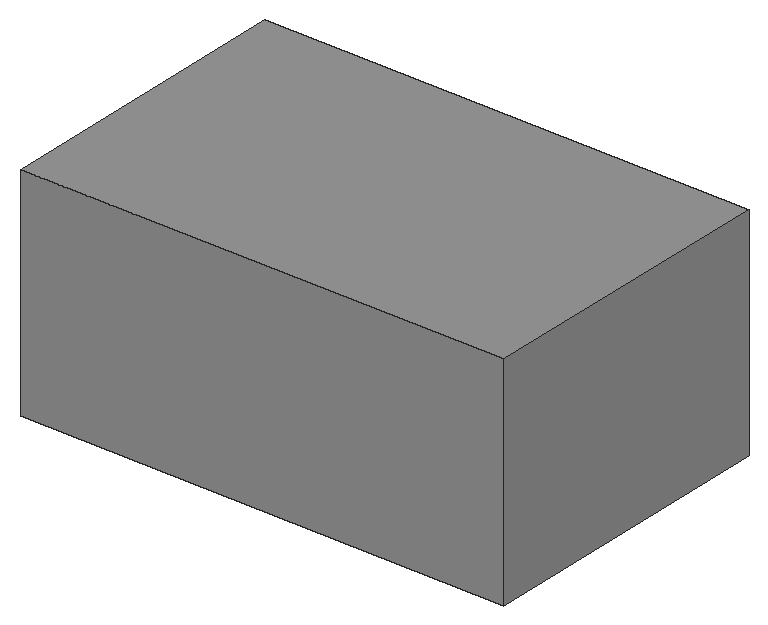
Revit family "POL4_63_UN_Wall-fixture_ETK", category Lighting Fixtures, Revit 2017
Family settings
  Round Connector Dimension = Use Diameter
  Part Type = Normal
  OmniClass Number = 23.80.70.11.14
  OmniClass Title = General Luminaries, Directional
  Work Plane-Based = No
  Always vertical = Yes
  Cut with Voids When Loaded = No
  Light Source = No
  Shared = No
  Room Calculation Point = Yes
Parameters (values of type "POL.4100.xx - 12.5W / 1400lm / 3000K")
  Wattage Comments = "12.5W"
  Voltage = 230 V
  URL = "https://www.etk.nl/media/wysiwyg/files/POL.4.pdf"
  Symbol_Waterproof [instance] = no
  Symbol_Emergency Lighting [instance] = no
  Switch Code [instance] = ""
  Model = "POL4"
  Manufacturer = "ETK licht B.V."
  Luminaire_Body_Material = 10 White
  Luminaire Code [instance] = ""
  Light Source = POL.4 - Lightsource : POL.4100.xx - 12.5W / 1400lm / 3000K
  Lamp = "LED"
  IfcExportType = "USERDEFINED"
  IfcExportAs = "IfcLightFixtureType"
  Description = "Wall-fixture"
  Copyright © IVLighting = "www.ivlighting.nl"
  Assembly Code = "63.0"
  Apparent Load = 12.5 VA
Types (4, lengths in mm): name | Light Source
  POL.4100.xx - 12.5W / 1400lm / 3000K | POL.4 - Lightsource : POL.4100.xx - 12.5W / 1400lm / 3000K
  POL.4200.xx - 12.5W / 1470lm / 4000K | POL.4 - Lightsource : POL.4200.xx - 12.5W / 1470lm / 4000K
  POL.4300.xx - 17W / 2100lm / 3000K | POL.4 - Lightsource : POL.4300.xx - 17W / 2100lm / 3000K
  POL.4400.xx - 17W / 2240lm / 4000K | POL.4 - Lightsource : POL.4400.xx - 17W / 2240lm / 4000K
Reference planes
  plane 1 "Center (Front/Back)": y = 0
  plane 2: z = 0
  plane 3 "Center (Left/Right)": x = 0
Forms (mm)
  Revolve 1, solid, not visible
    sketch origin (0, 0, 0) x (1, 0, 0) y (0, 0, 1)
      loop
        line (-108.916, 0) -> (-108.916, -4.099)
        arc (-108.916, -4.099) -> (-108.406, -4.931) -> (-107.486, -5.258) r 1.461
        line (-107.486, -5.258) -> (-97.804, -5.258) -> (-97.804, 0) -> (-108.916, 0)
      axis (0, 0) -> (0, -5.258)
    angle from 0 to 360
  Revolve 2, solid, material "10 White" <- "Luminaire_Body_Material", not visible
    sketch origin (0, 0, 0) x (1, 0, 0) y (0, 0, 1)
      loop
        line (-98.741, 0) -> (-97.8, 0) -> (-97.8, 10.593) -> (-90.959, 10.593) -> (-90.959, 14.711) -> (-83.412, 14.711) -> (-83.412, 30.415)
        arc (-83.412, 30.415) -> (-77.825, 42.741) -> (-69.855, 53.677) r 66.418
        line (-69.855, 53.677) -> (-69.855, 60.129) -> (-63.553, 60.129) -> (0, 60.129) -> (0, 61.129) -> (-63.553, 61.129) -> (-69.836, 61.129)
        arc (-69.836, 61.129) -> (-70.557, 60.83) -> (-70.855, 60.109) r 1.02
        line (-70.855, 60.109) -> (-70.855, 54.484)
        arc (-70.855, 54.484) -> (-70.927, 54.088) -> (-71.134, 53.743) r 1.124
        arc (-71.134, 53.743) -> (-77.774, 44.767) -> (-82.842, 34.818) r 67.418
        arc (-82.842, 34.818) -> (-84.016, 30.901) -> (-84.412, 26.83) r 21.103
        line (-84.412, 26.83) -> (-84.412, 16.663)
        arc (-84.412, 16.663) -> (-84.691, 15.989) -> (-85.364, 15.711) r 0.952
        line (-85.364, 15.711) -> (-91.959, 15.711) -> (-91.959, 12.616)
        arc (-91.959, 12.616) -> (-92.258, 11.893) -> (-92.981, 11.593) r 1.022
        line (-92.981, 11.593) -> (-97.697, 11.593)
        arc (-97.697, 11.593) -> (-98.435, 11.287) -> (-98.741, 10.549) r 1.045
        line (-98.741, 10.549) -> (-98.741, 0)
      axis (0, 61.129) -> (0, 0)
    angle from 0 to 360
  Revolve 3, solid, material "10 White" <- "Luminaire_Body_Material", not visible
    sketch origin (0, 0, 0) x (1, 0, 0) y (0, 0, 1)
      loop
        arc (-36.339, 86.471) -> (-49.965, 76.024) -> (-61.793, 63.579) r 109.701
        arc (-61.793, 63.579) -> (-62.487, 62.326) -> (-62.707, 60.91) r 4.094
        line (-62.707, 60.91) -> (0, 60.91) -> (0, 86.471) -> (-36.339, 86.471)
      axis (0, 86.471) -> (0, 60.91)
    angle from 0 to 360
  Extrusion 4, solid, material "10 White" <- "Luminaire_Body_Material", not visible
    sketch origin (0, 0, 0) x (1, 0, 0) y (0, 1, 0)
      loop
        circle (0, 0) r 45
    from 86.471 to 87.3
  Extrusion 5, solid, material "30 Black", not visible
    sketch origin (0, 0, 195.137) x (-1, 0, 0) y (0, -1, 0)
      loop
        line (-0.938, -10.632) -> (-0.938, -44.99)
        arc (-0.938, -44.99) -> (0, -45) -> (0.938, -44.99) r 45
        line (0.938, -44.99) -> (0.938, -10.681)
        arc (0.938, -10.681) -> (0, -10.671) -> (-0.938, -10.632) r 29.304
    from -107.837 to -82.548
  Extrusion 6, solid, material "30 Black", not visible
    sketch origin (0, 0, 195.137) x (-0.978148, -0.207912, 0) y (0.207912, -0.978148, 0)
      loop
        line (-0.938, -10.632) -> (-0.938, -44.99)
        arc (-0.938, -44.99) -> (0, -45) -> (0.938, -44.99) r 45
        line (0.938, -44.99) -> (0.938, -10.681)
        arc (0.938, -10.681) -> (0, -10.671) -> (-0.938, -10.632) r 29.304
    from -107.837 to -82.548
  Extrusion 7, solid, material "30 Black", not visible
    sketch origin (0, 0, 195.137) x (-0.978148, 0.207912, 0) y (-0.207912, -0.978148, 0)
      loop
        line (-0.938, -10.632) -> (-0.938, -44.99)
        arc (-0.938, -44.99) -> (0, -45) -> (0.938, -44.99) r 45
        line (0.938, -44.99) -> (0.938, -10.681)
        arc (0.938, -10.681) -> (0, -10.671) -> (-0.938, -10.632) r 29.304
    from -107.837 to -82.548
  Extrusion 8, solid, material "30 Black", not visible
    sketch origin (0, 0, 195.137) x (-0.913545, 0.406737, 0) y (-0.406737, -0.913545, 0)
      loop
        line (-0.938, -10.632) -> (-0.938, -44.99)
        arc (-0.938, -44.99) -> (0, -45) -> (0.938, -44.99) r 45
        line (0.938, -44.99) -> (0.938, -10.681)
        arc (0.938, -10.681) -> (0, -10.671) -> (-0.938, -10.632) r 29.304
    from -107.837 to -82.548
  Extrusion 9, solid, material "30 Black", not visible
    sketch origin (0, 0, 195.137) x (-0.809017, 0.587785, 0) y (-0.587785, -0.809017, 0)
      loop
        line (-0.938, -10.632) -> (-0.938, -44.99)
        arc (-0.938, -44.99) -> (0, -45) -> (0.938, -44.99) r 45
        line (0.938, -44.99) -> (0.938, -10.681)
        arc (0.938, -10.681) -> (0, -10.671) -> (-0.938, -10.632) r 29.304
    from -107.837 to -82.548
  Extrusion 10, solid, material "30 Black", not visible
    sketch origin (0, 0, 195.137) x (-0.669131, 0.743145, 0) y (-0.743145, -0.669131, 0)
      loop
        line (-0.938, -10.632) -> (-0.938, -44.99)
        arc (-0.938, -44.99) -> (0, -45) -> (0.938, -44.99) r 45
        line (0.938, -44.99) -> (0.938, -10.681)
        arc (0.938, -10.681) -> (0, -10.671) -> (-0.938, -10.632) r 29.304
    from -107.837 to -82.548
  Extrusion 11, solid, material "30 Black", not visible
    sketch origin (0, 0, 195.137) x (-0.5, 0.866025, 0) y (-0.866025, -0.5, 0)
      loop
        line (-0.938, -10.632) -> (-0.938, -44.99)
        arc (-0.938, -44.99) -> (0, -45) -> (0.938, -44.99) r 45
        line (0.938, -44.99) -> (0.938, -10.681)
        arc (0.938, -10.681) -> (0, -10.671) -> (-0.938, -10.632) r 29.304
    from -107.837 to -82.548
  Extrusion 12, solid, material "30 Black", not visible
    sketch origin (0, 0, 195.137) x (-0.309017, 0.951057, 0) y (-0.951057, -0.309017, 0)
      loop
        line (-0.938, -10.632) -> (-0.938, -44.99)
        arc (-0.938, -44.99) -> (0, -45) -> (0.938, -44.99) r 45
        line (0.938, -44.99) -> (0.938, -10.681)
        arc (0.938, -10.681) -> (0, -10.671) -> (-0.938, -10.632) r 29.304
    from -107.837 to -82.548
  Extrusion 13, solid, material "30 Black", not visible
    sketch origin (0, 0, 195.137) x (-0.104528, 0.994522, 0) y (-0.994522, -0.104528, 0)
      loop
        line (-0.938, -10.632) -> (-0.938, -44.99)
        arc (-0.938, -44.99) -> (0, -45) -> (0.938, -44.99) r 45
        line (0.938, -44.99) -> (0.938, -10.681)
        arc (0.938, -10.681) -> (0, -10.671) -> (-0.938, -10.632) r 29.304
    from -107.837 to -82.548
  Extrusion 14, solid, material "30 Black", not visible
    sketch origin (0, 0, 195.137) x (0.104528, 0.994522, 0) y (-0.994522, 0.104528, 0)
      loop
        line (-0.938, -10.632) -> (-0.938, -44.99)
        arc (-0.938, -44.99) -> (0, -45) -> (0.938, -44.99) r 45
        line (0.938, -44.99) -> (0.938, -10.681)
        arc (0.938, -10.681) -> (0, -10.671) -> (-0.938, -10.632) r 29.304
    from -107.837 to -82.548
  Extrusion 15, solid, material "30 Black", not visible
    sketch origin (0, 0, 195.137) x (0.309017, 0.951057, 0) y (-0.951057, 0.309017, 0)
      loop
        line (-0.938, -10.632) -> (-0.938, -44.99)
        arc (-0.938, -44.99) -> (0, -45) -> (0.938, -44.99) r 45
        line (0.938, -44.99) -> (0.938, -10.681)
        arc (0.938, -10.681) -> (0, -10.671) -> (-0.938, -10.632) r 29.304
    from -107.837 to -82.548
  Extrusion 16, solid, material "30 Black", not visible
    sketch origin (0, 0, 195.137) x (0.5, 0.866025, 0) y (-0.866025, 0.5, 0)
      loop
        line (-0.938, -10.632) -> (-0.938, -44.99)
        arc (-0.938, -44.99) -> (0, -45) -> (0.938, -44.99) r 45
        line (0.938, -44.99) -> (0.938, -10.681)
        arc (0.938, -10.681) -> (0, -10.671) -> (-0.938, -10.632) r 29.304
    from -107.837 to -82.548
  Extrusion 17, solid, material "30 Black", not visible
    sketch origin (0, 0, 195.137) x (0.669131, 0.743145, 0) y (-0.743145, 0.669131, 0)
      loop
        line (-0.938, -10.632) -> (-0.938, -44.99)
        arc (-0.938, -44.99) -> (0, -45) -> (0.938, -44.99) r 45
        line (0.938, -44.99) -> (0.938, -10.681)
        arc (0.938, -10.681) -> (0, -10.671) -> (-0.938, -10.632) r 29.304
    from -107.837 to -82.548
  Extrusion 18, solid, material "30 Black", not visible
    sketch origin (0, 0, 195.137) x (0.809017, 0.587785, 0) y (-0.587785, 0.809017, 0)
      loop
        line (-0.938, -10.632) -> (-0.938, -44.99)
        arc (-0.938, -44.99) -> (0, -45) -> (0.938, -44.99) r 45
        line (0.938, -44.99) -> (0.938, -10.681)
        arc (0.938, -10.681) -> (0, -10.671) -> (-0.938, -10.632) r 29.304
    from -107.837 to -82.548
  Extrusion 19, solid, material "30 Black", not visible
    sketch origin (0, 0, 195.137) x (0.913545, 0.406737, 0) y (-0.406737, 0.913545, 0)
      loop
        line (-0.938, -10.632) -> (-0.938, -44.99)
        arc (-0.938, -44.99) -> (0, -45) -> (0.938, -44.99) r 45
        line (0.938, -44.99) -> (0.938, -10.681)
        arc (0.938, -10.681) -> (0, -10.671) -> (-0.938, -10.632) r 29.304
    from -107.837 to -82.548
  Extrusion 20, solid, material "30 Black", not visible
    sketch origin (0, 0, 195.137) x (0.978148, 0.207912, 0) y (-0.207912, 0.978148, 0)
      loop
        line (-0.938, -10.632) -> (-0.938, -44.99)
        arc (-0.938, -44.99) -> (0, -45) -> (0.938, -44.99) r 45
        line (0.938, -44.99) -> (0.938, -10.681)
        arc (0.938, -10.681) -> (0, -10.671) -> (-0.938, -10.632) r 29.304
    from -107.837 to -82.548
  Extrusion 21, solid, material "30 Black", not visible
    sketch origin (0, 0, 195.137) x (1, 0, 0) y (0, 1, 0)
      loop
        line (-0.938, -10.632) -> (-0.938, -44.99)
        arc (-0.938, -44.99) -> (0, -45) -> (0.938, -44.99) r 45
        line (0.938, -44.99) -> (0.938, -10.681)
        arc (0.938, -10.681) -> (0, -10.671) -> (-0.938, -10.632) r 29.304
    from -107.837 to -82.548
  Extrusion 22, solid, material "30 Black", not visible
    sketch origin (0, 0, 195.137) x (0.978148, -0.207912, 0) y (0.207912, 0.978148, 0)
      loop
        line (-0.938, -10.632) -> (-0.938, -44.99)
        arc (-0.938, -44.99) -> (0, -45) -> (0.938, -44.99) r 45
        line (0.938, -44.99) -> (0.938, -10.681)
        arc (0.938, -10.681) -> (0, -10.671) -> (-0.938, -10.632) r 29.304
    from -107.837 to -82.548
  Extrusion 23, solid, material "30 Black", not visible
    sketch origin (0, 0, 195.137) x (0.913545, -0.406737, 0) y (0.406737, 0.913545, 0)
      loop
        line (-0.938, -10.632) -> (-0.938, -44.99)
        arc (-0.938, -44.99) -> (0, -45) -> (0.938, -44.99) r 45
        line (0.938, -44.99) -> (0.938, -10.681)
        arc (0.938, -10.681) -> (0, -10.671) -> (-0.938, -10.632) r 29.304
    from -107.837 to -82.548
  Extrusion 24, solid, material "30 Black", not visible
    sketch origin (0, 0, 195.137) x (0.809017, -0.587785, 0) y (0.587785, 0.809017, 0)
      loop
        line (-0.938, -10.632) -> (-0.938, -44.99)
        arc (-0.938, -44.99) -> (0, -45) -> (0.938, -44.99) r 45
        line (0.938, -44.99) -> (0.938, -10.681)
        arc (0.938, -10.681) -> (0, -10.671) -> (-0.938, -10.632) r 29.304
    from -107.837 to -82.548
  Extrusion 25, solid, material "30 Black", not visible
    sketch origin (0, 0, 195.137) x (0.669131, -0.743145, 0) y (0.743145, 0.669131, 0)
      loop
        line (-0.938, -10.632) -> (-0.938, -44.99)
        arc (-0.938, -44.99) -> (0, -45) -> (0.938, -44.99) r 45
        line (0.938, -44.99) -> (0.938, -10.681)
        arc (0.938, -10.681) -> (0, -10.671) -> (-0.938, -10.632) r 29.304
    from -107.837 to -82.548
  Extrusion 26, solid, material "30 Black", not visible
    sketch origin (0, 0, 195.137) x (0.5, -0.866025, 0) y (0.866025, 0.5, 0)
      loop
        line (-0.938, -10.632) -> (-0.938, -44.99)
        arc (-0.938, -44.99) -> (0, -45) -> (0.938, -44.99) r 45
        line (0.938, -44.99) -> (0.938, -10.681)
        arc (0.938, -10.681) -> (0, -10.671) -> (-0.938, -10.632) r 29.304
    from -107.837 to -82.548
  Extrusion 27, solid, material "30 Black", not visible
    sketch origin (0, 0, 195.137) x (0.309017, -0.951057, 0) y (0.951057, 0.309017, 0)
      loop
        line (-0.938, -10.632) -> (-0.938, -44.99)
        arc (-0.938, -44.99) -> (0, -45) -> (0.938, -44.99) r 45
        line (0.938, -44.99) -> (0.938, -10.681)
        arc (0.938, -10.681) -> (0, -10.671) -> (-0.938, -10.632) r 29.304
    from -107.837 to -82.548
  Extrusion 28, solid, material "30 Black", not visible
    sketch origin (0, 0, 195.137) x (0.104528, -0.994522, 0) y (0.994522, 0.104528, 0)
      loop
        line (-0.938, -10.632) -> (-0.938, -44.99)
        arc (-0.938, -44.99) -> (0, -45) -> (0.938, -44.99) r 45
        line (0.938, -44.99) -> (0.938, -10.681)
        arc (0.938, -10.681) -> (0, -10.671) -> (-0.938, -10.632) r 29.304
    from -107.837 to -82.548
  Extrusion 29, solid, material "30 Black", not visible
    sketch origin (0, 0, 195.137) x (-0.104528, -0.994522, 0) y (0.994522, -0.104528, 0)
      loop
        line (-0.938, -10.632) -> (-0.938, -44.99)
        arc (-0.938, -44.99) -> (0, -45) -> (0.938, -44.99) r 45
        line (0.938, -44.99) -> (0.938, -10.681)
        arc (0.938, -10.681) -> (0, -10.671) -> (-0.938, -10.632) r 29.304
    from -107.837 to -82.548
  Extrusion 30, solid, material "30 Black", not visible
    sketch origin (0, 0, 195.137) x (-0.309017, -0.951057, 0) y (0.951057, -0.309017, 0)
      loop
        line (-0.938, -10.632) -> (-0.938, -44.99)
        arc (-0.938, -44.99) -> (0, -45) -> (0.938, -44.99) r 45
        line (0.938, -44.99) -> (0.938, -10.681)
        arc (0.938, -10.681) -> (0, -10.671) -> (-0.938, -10.632) r 29.304
    from -107.837 to -82.548
  Extrusion 31, solid, material "30 Black", not visible
    sketch origin (0, 0, 195.137) x (-0.5, -0.866025, 0) y (0.866025, -0.5, 0)
      loop
        line (-0.938, -10.632) -> (-0.938, -44.99)
        arc (-0.938, -44.99) -> (0, -45) -> (0.938, -44.99) r 45
        line (0.938, -44.99) -> (0.938, -10.681)
        arc (0.938, -10.681) -> (0, -10.671) -> (-0.938, -10.632) r 29.304
    from -107.837 to -82.548
  Extrusion 32, solid, material "30 Black", not visible
    sketch origin (0, 0, 195.137) x (-0.669131, -0.743145, 0) y (0.743145, -0.669131, 0)
      loop
        line (-0.938, -10.632) -> (-0.938, -44.99)
        arc (-0.938, -44.99) -> (0, -45) -> (0.938, -44.99) r 45
        line (0.938, -44.99) -> (0.938, -10.681)
        arc (0.938, -10.681) -> (0, -10.671) -> (-0.938, -10.632) r 29.304
    from -107.837 to -82.548
  Extrusion 33, solid, material "30 Black", not visible
    sketch origin (0, 0, 195.137) x (-0.809017, -0.587785, 0) y (0.587785, -0.809017, 0)
      loop
        line (-0.938, -10.632) -> (-0.938, -44.99)
        arc (-0.938, -44.99) -> (0, -45) -> (0.938, -44.99) r 45
        line (0.938, -44.99) -> (0.938, -10.681)
        arc (0.938, -10.681) -> (0, -10.671) -> (-0.938, -10.632) r 29.304
    from -107.837 to -82.548
  Extrusion 34, solid, material "30 Black", not visible
    sketch origin (0, 0, 195.137) x (-0.913545, -0.406737, 0) y (0.406737, -0.913545, 0)
      loop
        line (-0.938, -10.632) -> (-0.938, -44.99)
        arc (-0.938, -44.99) -> (0, -45) -> (0.938, -44.99) r 45
        line (0.938, -44.99) -> (0.938, -10.681)
        arc (0.938, -10.681) -> (0, -10.671) -> (-0.938, -10.632) r 29.304
    from -107.837 to -82.548
  Extrusion 35, solid, material "10 White" <- "Luminaire_Body_Material", not visible
    sketch origin (0.938, 0, 0) x (1, 0, 0) y (0, 0, 1)
      loop
        line (-90.709, 14.711) -> (-89.709, 14.711) -> (-89.709, 47.263)
        arc (-89.709, 47.263) -> (-89.547, 48.318) -> (-89.074, 49.276) r 3.51
        line (-89.074, 49.276) -> (-63.792, 85.382)
        arc (-63.792, 85.382) -> (-62.879, 86.183) -> (-61.7, 86.471) r 2.554
        line (-61.7, 86.471) -> (-36.836, 86.471) -> (-36.836, 87.3) -> (-62.068, 87.3)
        arc (-62.068, 87.3) -> (-63.489, 86.952) -> (-64.589, 85.988) r 3.078
        line (-64.589, 85.988) -> (-90.082, 49.58)
        arc (-90.082, 49.58) -> (-90.549, 48.634) -> (-90.709, 47.591) r 3.468
        line (-90.709, 47.591) -> (-90.709, 14.711)
    from -18.722 to 17.678
  Extrusion 36, solid, material "10 White" <- "Luminaire_Body_Material", not visible
    sketch origin (-0.938, 0, 0) x (-1, 0, 0) y (0, 0, -1)
      loop
        line (-90.709, -14.711) -> (-90.709, -47.591)
        arc (-90.709, -47.591) -> (-90.549, -48.634) -> (-90.082, -49.58) r 3.468
        line (-90.082, -49.58) -> (-64.589, -85.988)
        arc (-64.589, -85.988) -> (-63.489, -86.952) -> (-62.068, -87.3) r 3.078
        line (-62.068, -87.3) -> (-36.836, -87.3) -> (-36.836, -86.471) -> (-61.7, -86.471)
        arc (-61.7, -86.471) -> (-62.879, -86.183) -> (-63.792, -85.382) r 2.554
        line (-63.792, -85.382) -> (-89.074, -49.276)
        arc (-89.074, -49.276) -> (-89.547, -48.318) -> (-89.709, -47.263) r 3.51
        line (-89.709, -47.263) -> (-89.709, -14.711) -> (-90.709, -14.711)
    from -18.722 to 17.678
  Revolve 37, solid, not visible
    sketch origin (0, 0, 0) x (1, 0, 0) y (0, 0, 1)
      loop
        arc (-61.908, 31.25) -> (-81.159, 16.629) -> (-98.212, -0.504) r 175.119
        line (-98.212, -0.504) -> (-98.212, -1.729)
        arc (-98.212, -1.729) -> (-81.093, 15.622) -> (-61.721, 30.415) r 174.319
        line (-61.721, 30.415) -> (0, 30.415) -> (0, 31.25) -> (-61.908, 31.25)
      axis (0, 31.25) -> (0, -1.729)
    angle from 0 to 360
  Revolve 38, solid, not visible
    sketch origin (0, 0, 0) x (1, 0, 0) y (0, 0, 1)
      loop
        line (-63.082, 29.507) -> (0, 29.507) -> (0, 30.415) -> (-61.721, 30.415)
        arc (-61.721, 30.415) -> (-62.416, 29.983) -> (-63.082, 29.507) r 12.642
      axis (0, 30.415) -> (0, 29.415)
    angle from 0 to 360
  Extrusion 39, solid, material "10 White" <- "Luminaire_Body_Material"
    sketch origin (0, -72.5, 0) x (-1, 0, 0) y (0, -1, 0)
      loop
        line (-115, -72.5) -> (115, -72.5) -> (115, 72.5) -> (-115, 72.5) -> (-115, -72.5)
    from 0 to 105
  Extrusion 40, void
    sketch origin (0, -72.5, 0) x (-1, 0, 0) y (0, -1, 0)
      loop
        line (-112, -57.5) -> (112, -57.5) -> (112, 69.5) -> (-112, 69.5) -> (-112, -57.5)
    from 0 to 101.05
  Extrusion 41, solid, material "10 White"
    sketch origin (0, -72.5, 0) x (-1, 0, 0) y (0, -1, 0)
      loop
        line (97, 54.5) -> (-97, 54.5) -> (-97, -42.5) -> (97, -42.5) -> (97, 54.5)
      loop
        line (-112, 69.5) -> (-112, -57.5) -> (112, -57.5) -> (112, 69.5) -> (-112, 69.5)
    from 1 to 101.015
  Extrusion 42, solid
    sketch origin (0, -72.5, -1.16) x (1, 0, 0) y (0, 1, 0)
      loop
        circle (-56.605, 65.57) r 5
      loop
        line (-56.959, 66.039) -> (-60.76, 66.039) -> (-60.76, 65.171) -> (-56.959, 65.171) -> (-56.959, 61.376) -> (-56.092, 61.376) -> (-56.092, 65.171) -> (-52.248, 65.171) -> (-52.248, 66.039) -> (-56.092, 66.039) -> (-56.092, 69.888) -> (-56.959, 69.888) -> (-56.959, 66.039)
    from 1.004 to 1.875
  Extrusion 43, solid
    sketch origin (0, -72.5, -1.16) x (-1, 0, 0) y (0, -1, 0)
      loop
        circle (-56.605, -65.57) r 5
      loop
        line (-56.959, -66.039) -> (-56.959, -69.888) -> (-56.092, -69.888) -> (-56.092, -66.039) -> (-52.248, -66.039) -> (-52.248, -65.171) -> (-56.092, -65.171) -> (-56.092, -61.376) -> (-56.959, -61.376) -> (-56.959, -65.171) -> (-60.76, -65.171) -> (-60.76, -66.039) -> (-56.959, -66.039)
    from 1.004 to 1.875
  Blend 44, solid, material "10 White"
    base sketch origin (0, -83.75, 0) x (1, 0, 0) y (0, 1, 0)
      loop
        line (-97, -48.287) -> (97, -48.287) -> (97, -43.287) -> (-97, -43.287) -> (-97, -48.287)
    top sketch origin (0, -83.75, 0) x (1, 0, 0) y (0, 1, 0)
      loop
        line (-42.461, 16.908) -> (47.539, 16.908) -> (47.539, 21.908) -> (-42.461, 21.908) -> (-42.461, 16.908)
    from 1 to 101.05
  Extrusion 45, solid, material "30 Black"
    sketch origin (0, -72.5, -0.715) x (-1, 0, 0) y (0, -1, 0)
      loop
        line (97, 54.5) -> (-97, 54.5) -> (-97, -42.5) -> (97, -42.5) -> (97, 54.5)
      loop
        line (-112, 69.5) -> (-112, -57.5) -> (112, -57.5) -> (112, 69.5) -> (-112, 69.5)
    from 0.715 to 1.715
Cuts and joins
  Extrusion 40 cuts Extrusion 39
Dimensions and locks
  aligned and locked: level to plane 2
Nested families
  nested 1: "POL.4 Light_Symbol_IVL" at (0, 0, 0), Symbol_Emergency Lighting <- "Symbol_Emergency Lighting", Symbol_Waterproof <- "Symbol_Waterproof", type "POL.4 Light_Symbol_IVL"
    with Symbol_Waterproof no, Symbol_Emergency Lighting no
  nested 2: "POL.4 - Lightsource" at (0, -72.5, 0), type <- "Light Source", type "POL.4100.xx - 12.5W / 1400lm / 3000K"
Connectors
  electrical at (0, 0, 52.5), driven by "Voltage", driven by "Apparent Load"
    settings: on cut or joined group of Extrusion 39, Extrusion 40, index 1, voltage 230 V, apparent load 0 VA, apparent load phase1 12.5 VA, apparent load phase2 0 VA, apparent load phase3 0 VA, power factor 1, load classification "Lighting", number of poles 1, system type 31, power factor state 1, is connector primary yes, connector utility no, sub classification motor no, connector description ""
Definition of nested family "POL.4 Light_Symbol_IVL"
  Parameters (values of type "POL.4 Light_Symbol_IVL")
    Symbol_Waterproof [instance] = yes
    Symbol_Emergency Lighting [instance] = no
  Reference planes
    plane 1: y = 0
    plane 2: x = 0
  Lines and regions (mm)
    Filled region 1, type "Filled region 1", visible <- "Symbol_Emergency Lighting"
      outline origin (0, -0.725, 0) x (1, 0, 0) y (0, 1, 0)
        loop
          line (1.15, 0.725) -> (0, 0) -> (1.15, -0.725) -> (1.15, 0.725)
    Filled region 2, type "Filled region 1", visible <- "Symbol_Emergency Lighting"
      outline origin (0, -0.725, 0) x (0, 1, 0) y (-1, 0, 0)
        loop
          line (0.725, 1.15) -> (-0.725, 1.15) -> (0, 0) -> (0.725, 1.15)
    Filled region 3, type "Filled region 1", visible <- "Symbol_Waterproof"
      outline origin (-1.086, -0.291, 0) x (0, 1, 0) y (-1, 0, 0)
        loop
          line (-1.15, 0.073) -> (-1.15, -2.236) -> (-0.369, -2.236) -> (-0.369, 0.073) -> (-1.15, 0.073)
    detail lines
      curve 1: line (-1.15, 0, 0) -> (1.15, 0, 0)
      curve 2: line (-1.15, -1.45, 0) -> (-1.15, 0, 0)
      curve 3: line (1.15, -1.45, 0) -> (-1.15, -1.45, 0)
      curve 4: line (1.15, 0, 0) -> (1.15, -1.45, 0)
Definition of nested family "POL.4 - Lightsource"
  Parameters (values of type "POL.4400.xx - 17W / 2240lm / 4000K")
    Wattage Comments = "17W"
    Wattage = 15.0799 W
    built-in parameter 1150110 = 1 (stored number, unit not read)
    URL = "https://www.etk.nl/en-pol.4"
    built-in parameter 1114217 = 1 (stored number, unit not read)
    Tilt Angle = 90.00°
    built-in parameter 1150109 = 1 (stored number, unit not read)
    built-in parameter 1150134 = 12
    built-in parameter 1150113 = 1 (stored number, unit not read)
    Photometric Web File = "pol.4400.ies"
    Model = "POL.4"
    Manufacturer = "ETK Licht B.V."
    built-in parameter 1150105 = 178.25 (stored number, unit not read)
    Lumens = 2240 lm
    built-in parameter 1150115 = 1 (stored number, unit not read)
    built-in parameter 1150137 = (empty or 0)
    built-in parameter 1150139 = (empty or 0)
    built-in parameter 1150112 = 1 (stored number, unit not read)
    built-in parameter 1150114 = 1 (stored number, unit not read)
    Lamp = "LED"
    Keynote = ""
    built-in parameter 1150132 = 2
    built-in parameter 1150102 = (empty or 0)
    built-in parameter 1150107 = 4000 (stored number, unit not read)
    built-in parameter 1150138 = (empty or 0)
    built-in parameter 1150106 = 1.7825 (stored number, unit not read)
    built-in parameter 1150104 = 13.8 (stored number, unit not read)
    Dimming Lamp Color Temperature Shift = (empty or 0)
    Description = "Light sources"
    Copyright © IVLighting = "www.ivlighting.nl"
    Color Filter = 16777215
    built-in parameter 1114218 = 1 (stored number, unit not read)
    built-in parameter 1150133 = 10 (stored number, unit not read)
    Assembly Code = "63.0"
    Apparent Load = 17 VA
  Types (4, lengths in mm): name | Wattage Comments | Wattage | built-in parameter 1150134 | Photometric Web File | built-in parameter 1150105 | Lumens | built-in parameter 1150107 | built-in parameter 1150106 | Apparent Load
    POL.4100.xx - 12.5W / 1400lm / 3000K | "12.5W" | 9.42495 W | (empty or 0) | "pol.4100.ies" | 111.41 (stored number, unit not read) | 1400 lm | 3000 (stored number, unit not read) | 1.1141 (stored number, unit not read) | 12.5 VA
    POL.4200.xx - 12.5W / 1470lm / 4000K | "12.5W" | 9.89619 W | 12 | "pol.4200.ies" | 116.98 (stored number, unit not read) | 1470 lm | 4000 (stored number, unit not read) | 1.1698 (stored number, unit not read) | 12.5 VA
    POL.4300.xx - 17W / 2100lm / 3000K | "17W" | 14.1374 W | (empty or 0) | "pol.4300.ies" | 167.11 (stored number, unit not read) | 2100 lm | 3000 (stored number, unit not read) | 1.6711 (stored number, unit not read) | 17 VA
    POL.4400.xx - 17W / 2240lm / 4000K | "17W" | 15.0799 W | 12 | "pol.4400.ies" | 178.25 (stored number, unit not read) | 2240 lm | 4000 (stored number, unit not read) | 1.7825 (stored number, unit not read) | 17 VA
  Reference planes
    plane 1 "Center (Front/Back)": y = 0
    plane 2: z = 0
    plane 3 "Center (Left/Right)": x = 0
  Dimensions and locks
    aligned and locked: level to plane 2
